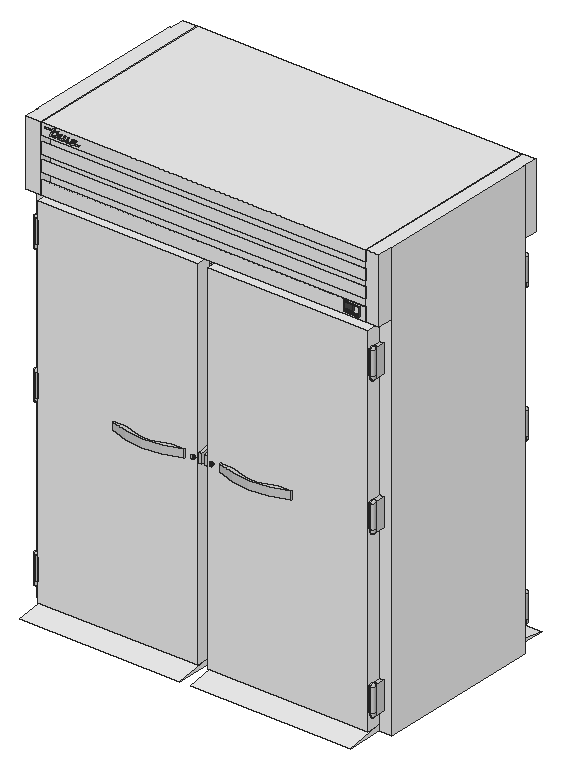
Revit family
Parameters
  Weight in Pounds = 0
  Watts = 4000 W
  Volts = 115 V
  URL Cutsheet = "www.truemfg.com"
  URL = "www.truemfg.com"
  Type Mark [instance] = ""
  Type Comments = ""
  Status [instance] = ""
  Specification by User [instance] = ""
  Specification by Manufacturer = ""
  Show Logo [instance] = yes
  Show Clearance [instance] = yes
  Serial Number = ""
  Seismic Rating = ""
  SMACNA No = ""
  Revision Code [instance] = ""
  Phase = 1
  Omniclass Number and Title = ""
  Number of Poles [instance] = 1
  NAFEM Spec ID Number = ""
  Model = "STR2HRT-2S-2S"
  Min Ckt Ampacity = 0 A
  Max Overcurrent Protection = 0 A
  Masterspec = ""
  Manufacturer = "TRUE FOOD SERVICE EQUIPMENT, INC."
  Length = 68"
  Item Number [instance] = ""
  Installed By [instance] = ""
  Identify Quantity as Lot [instance] = yes
  Height = 83 3/4"
  HP = ""
  Furnished By [instance] = ""
  Foodservice Equipment Identifier [instance] = yes
  FL Amps = Watts / Volts  # 34.7826 A
  Electrical Remarks [instance] = ""
  Electric Connection Type [instance] = ""
  Elec Conn RI Height [instance] = 0"
  Elec Conn Connection Height [instance] = 0"
  Description = "Roll-thru Solid Swing Door Heated Cabinet"
  Depth = 37 1/2"
  Cycle = 60 Hz
  Conn Plug = "14-20P"
  Conn Conduit = yes
  CSI MasterFormat = ""
  CSI Master Format = ""
  Apparent Power = if(Phase = 3, Volts * FL Amps * 1.73, Volts * FL Amps)  # 4000 VA
Reference planes (in)
  plane 1 "BACK": y = 0
  plane 2: z = 0
  plane 3 "LEFT": x = 0
  plane 4 "RIGHT": x = 68
  plane 5 "FRONT": y = -37.5
  plane 6 "TOP": z = 83.75
  plane 7: x = 2.84375
  plane 8: y = -37.4542
  plane 9: x = 34
  plane 10: y = -0.0458
  plane 11: z = 69.90625
Forms (in)
  Extrusion 1, solid, material "QF_Finishes_Chrome - Satin"
    sketch origin (0.05, 0, 0) x (1, 0, 0) y (0, 1, 0)
      loop
        line (-0.05, -2.75) -> (-0.05, -34.75) -> (2.87859, -34.75) -> (2.87859, -2.75) -> (-0.05, -2.75)
    from 0 to 83.75
  Extrusion 2, solid, material "QF_Finishes_Chrome - Satin"
    sketch origin (50.15, 0, 0) x (1, 0, 0) y (0, 1, 0)
      loop
        line (15.15, -2.75) -> (15.15, -34.75) -> (17.85, -34.75) -> (17.85, -2.75) -> (15.15, -2.75)
    from 0 to 83.75
  Extrusion 3, solid, material "QF_Finishes_Chrome - Satin"
    sketch origin (0, 0, 0) x (0, 1, 0) y (0, 0, 1)
      loop
        line (-37.4542, 71.28125) -> (-34.75, 71.28125) -> (-34.75, 68.90625) -> (-2.75, 68.90625) -> (-2.75, 71.28125) -> (-0.0458, 71.28125) -> (-0.0458, 73.94226) -> (-2.25, 72.375) -> (-2.25, 73.65057) -> (-0.0458, 75.21784) -> (-0.0458, 77.31404) -> (-2.25, 75.74678) -> (-2.25, 76.70754) -> (-0.0458, 78.2748) -> (-0.0458, 80.40851) -> (-2.25, 78.84125) -> (-2.25, 79.96352) -> (-0.0458, 81.53078) -> (-0.0458, 83.75) -> (-37.4542, 83.75) -> (-37.4542, 81.53078) -> (-35.25, 79.96352) -> (-35.25, 78.84125) -> (-37.4542, 80.40851) -> (-37.4542, 78.2748) -> (-35.25, 76.70754) -> (-35.25, 75.74678) -> (-37.4542, 77.31404) -> (-37.4542, 75.21784) -> (-35.25, 73.65057) -> (-35.25, 72.375) -> (-37.4542, 73.94226) -> (-37.4542, 71.28125)
      loop
        line (-34.75, 0) -> (-2.75, 0) -> (-2.75, 2) -> (-34.75, 2) -> (-34.75, 0)
    from 2.92859 to 65.3
  Extrusion 4, solid, material "QF_Finishes_Chrome - Satin"
    sketch origin (0, 0, 0) x (1, 0, 0) y (0, 1, 0)
      loop
        line (67.84782, -34.75) -> (65.3, -34.75) -> (65.3, -37.5) -> (67.84782, -37.5) -> (67.84782, -34.75)
      loop
        line (67.84782, -2.75) -> (67.84782, 0) -> (65.3, 0) -> (65.3, -2.75) -> (67.84782, -2.75)
    from 71.28125 to 83.75
  Extrusion 5, solid, material "QF_Finishes_Chrome - Satin"
    sketch origin (-50.125, 0, 0.25) x (1, 0, 0) y (0, 1, 0)
      loop
        line (53.05359, -34.75) -> (50.24109, -34.75) -> (50.24109, -37.5) -> (53.05359, -37.5) -> (53.05359, -34.75)
      loop
        line (53.05359, -2.75) -> (53.05359, 0) -> (50.24109, 0) -> (50.24109, -2.75) -> (53.05359, -2.75)
    from 71.03125 to 83.5
  Extrusion 6, solid, material "QF_Finishes_Handrails and Railings"
    sketch origin (9.34375, -3.83467, -3.5) x (1, 0, 0) y (0, 0, 1)
      loop
        circle (26.4375, 40.0625) r 0.35
      loop
        line (26.47265, 40.33635) -> (26.41715, 40.33635) -> (26.41715, 39.76895) -> (26.47265, 39.76895) -> (26.47265, 40.33635)
    from 33.5 to 33.83066
  Extrusion 7, solid, material "QF_Finishes_Handrails and Railings", visible <- "Show Logo"
    sketch origin (0.33478, -2.68623, 5.13015) x (1, 0, 0) y (0, 0, 1)
      loop
        line (3.46044, 78.08731) -> (3.35478, 77.86073) -> (4.76027, 77.86073)
        arc (4.76027, 77.86073) -> (4.78879, 77.81028) -> (4.76027, 77.75984) r 0.05887
        line (4.76027, 77.75984) -> (4.39369, 76.97372)
        arc (4.39369, 76.97372) -> (4.39051, 76.90091) -> (4.43975, 76.84717) r 0.09523
        line (4.43975, 76.84717) -> (5.33844, 76.84717)
        arc (5.33844, 76.84717) -> (5.45192, 76.88295) -> (5.52436, 76.97735) r 0.19785
        line (5.52436, 76.97735) -> (5.81285, 77.59601) -> (6.0779, 77.59601)
        arc (6.0779, 77.59601) -> (6.14744, 77.57043) -> (6.13737, 77.49703) r 0.05911
        line (6.13737, 77.49703) -> (5.89598, 76.97937)
        arc (5.89598, 76.97937) -> (5.89974, 76.8934) -> (5.97231, 76.84717) r 0.09318
        line (5.97231, 76.84717) -> (6.76198, 76.84717)
        arc (6.76198, 76.84717) -> (6.82249, 76.86919) -> (6.85468, 76.92495) r 0.09412
        arc (6.85468, 76.92495) -> (6.87746, 76.86995) -> (6.93246, 76.84717) r 0.07778
        line (6.93246, 76.84717) -> (7.43246, 76.84717)
        arc (7.43246, 76.84717) -> (7.49022, 76.86265) -> (7.53251, 76.90493) r 0.11552
        arc (7.53251, 76.90493) -> (7.55275, 76.85606) -> (7.60162, 76.83581) r 0.06912
        line (7.60162, 76.83581) -> (8.31225, 76.83581)
        arc (8.31225, 76.83581) -> (8.37034, 76.85988) -> (8.39441, 76.91797) r 0.08216
        arc (8.39441, 76.91797) -> (8.44767, 76.86472) -> (8.52042, 76.84522) r 0.14551
        line (8.52042, 76.84522) -> (9.85158, 76.84522) -> (9.99946, 77.10134) -> (8.65678, 77.10134)
        arc (8.65678, 77.10134) -> (8.61972, 77.12704) -> (8.61834, 77.17211) r 0.05009
        line (8.61834, 77.17211) -> (8.64157, 77.22192)
        arc (8.64157, 77.22192) -> (8.67723, 77.26864) -> (8.73327, 77.28635) r 0.09747
        line (8.73327, 77.28635) -> (9.16485, 77.28635)
        arc (9.16485, 77.28635) -> (9.258, 77.31131) -> (9.32619, 77.3795) r 0.1863
        line (9.32619, 77.3795) -> (9.45119, 77.59601)
        arc (9.45119, 77.59601) -> (9.45119, 77.71157) -> (9.35111, 77.76934) r 0.11556
        line (9.35111, 77.76934) -> (8.89562, 77.76934)
        arc (8.89562, 77.76934) -> (8.7795, 77.74962) -> (8.69849, 77.66412) r 0.18605
        line (8.69849, 77.66412) -> (8.48204, 77.19993)
        arc (8.48204, 77.19993) -> (8.41815, 77.11667) -> (8.31806, 77.08511) r 0.1745
        line (8.31806, 77.08511) -> (7.84559, 77.08511)
        arc (7.84559, 77.08511) -> (7.78903, 77.14684) -> (7.79268, 77.23048) r 0.10939
        line (7.79268, 77.23048) -> (8.04395, 77.76934) -> (7.88403, 77.76934) -> (7.61781, 77.19844)
        arc (7.61781, 77.19844) -> (7.56609, 77.13103) -> (7.48505, 77.10548) r 0.14128
        line (7.48505, 77.10548) -> (7.15925, 77.10548)
        arc (7.15925, 77.10548) -> (7.10419, 77.17723) -> (7.116, 77.26689) r 0.11816
        line (7.116, 77.26689) -> (7.3503, 77.76934) -> (7.18514, 77.76934) -> (6.91546, 77.191)
        arc (6.91546, 77.191) -> (6.85285, 77.12839) -> (6.76733, 77.10548) r 0.17104
        line (6.76733, 77.10548) -> (6.29555, 77.10548)
        arc (6.29555, 77.10548) -> (6.21082, 77.14499) -> (6.20267, 77.23813) r 0.0935
        line (6.20267, 77.23813) -> (6.35774, 77.57069) -> (6.57695, 77.57069)
        arc (6.57695, 77.57069) -> (6.61395, 77.68217) -> (6.69267, 77.76934) r 0.2857
        line (6.69267, 77.76934) -> (5.83605, 77.76934)
        arc (5.83605, 77.76934) -> (5.74086, 77.74824) -> (5.67498, 77.67635) r 0.16212
        line (5.67498, 77.67635) -> (5.44279, 77.17841)
        arc (5.44279, 77.17841) -> (5.3894, 77.12502) -> (5.31647, 77.10548) r 0.14586
        line (5.31647, 77.10548) -> (4.80506, 77.10548)
        arc (4.80506, 77.10548) -> (4.76514, 77.15942) -> (4.77274, 77.22609) r 0.09155
        line (4.77274, 77.22609) -> (5.11018, 77.86073) -> (5.96155, 77.86073) -> (6.06721, 78.08731) -> (5.21584, 78.08731) -> (5.32149, 78.31388) -> (5.01862, 78.31388) -> (4.91297, 78.08731) -> (3.46044, 78.08731)
      loop
        arc (8.83805, 77.56363) -> (8.80119, 77.55375) -> (8.7742, 77.52676) r 0.07373
        line (8.7742, 77.52676) -> (8.75229, 77.45936)
        arc (8.75229, 77.45936) -> (8.76245, 77.43483) -> (8.78699, 77.42466) r 0.0347
        line (8.78699, 77.42466) -> (9.15948, 77.42466)
        arc (9.15948, 77.42466) -> (9.18632, 77.43061) -> (9.20812, 77.44734) r 0.0635
        line (9.20812, 77.44734) -> (9.22624, 77.53122)
        arc (9.22624, 77.53122) -> (9.22091, 77.55368) -> (9.20009, 77.56363) r 0.02676
        line (9.20009, 77.56363) -> (8.83805, 77.56363)
    from 34.76797 to 34.83173
  Extrusion 8, solid, material "QF_Finishes_White"
    sketch origin (-22.74812, -2.7042, -7.90007) x (1, 0, 0) y (0, 0, 1)
      loop
        line (83.81732, 81.35727) -> (83.81732, 79.60996) -> (86.72357, 79.60996) -> (86.72357, 81.35727) -> (83.81732, 81.35727)
    from 34.75 to 34.76797
  Extrusion 9, solid, material "QF_Finishes_Black"
    sketch origin (-22.74812, -2.7042, -7.90007) x (1, 0, 0) y (0, 0, 1)
      loop
        line (86.78607, 81.41977) -> (83.75482, 81.41977) -> (83.75482, 79.54746) -> (86.78607, 79.54746) -> (86.78607, 81.41977)
      loop
        spline (83.95482, 79.87872) -> (83.96333, 79.86254) -> (83.98831, 79.84747) -> (84.02804, 79.83452) -> (84.07982, 79.82459) -> (84.14011, 79.81835) -> (84.20482, 79.81622) -> (84.26952, 79.81835) -> (84.32982, 79.82459) -> (84.38159, 79.83452) -> (84.42132, 79.84747) -> (84.4463, 79.86254) -> (84.45482, 79.87872)
        spline (84.45482, 79.87872) -> (84.4463, 79.89489) -> (84.42132, 79.90997) -> (84.38159, 79.92291) -> (84.32982, 79.93284) -> (84.26952, 79.93909) -> (84.20482, 79.94122) -> (84.14011, 79.93909) -> (84.07982, 79.93284) -> (84.02804, 79.92291) -> (83.98831, 79.90997) -> (83.96333, 79.89489) -> (83.95482, 79.87872)
      loop
        spline (84.65083, 79.87872) -> (84.65935, 79.86254) -> (84.68432, 79.84747) -> (84.72405, 79.83452) -> (84.77583, 79.82459) -> (84.83612, 79.81835) -> (84.90083, 79.81622) -> (84.96553, 79.81835) -> (85.02583, 79.82459) -> (85.07761, 79.83452) -> (85.11734, 79.84747) -> (85.14231, 79.86254) -> (85.15083, 79.87872)
        spline (85.15083, 79.87872) -> (85.14231, 79.89489) -> (85.11734, 79.90997) -> (85.07761, 79.92291) -> (85.02583, 79.93284) -> (84.96553, 79.93909) -> (84.90083, 79.94122) -> (84.83612, 79.93909) -> (84.77583, 79.93284) -> (84.72405, 79.92291) -> (84.68432, 79.90997) -> (84.65935, 79.89489) -> (84.65083, 79.87872)
      loop
        spline (85.40083, 79.87872) -> (85.40935, 79.86254) -> (85.43432, 79.84747) -> (85.47405, 79.83452) -> (85.52583, 79.82459) -> (85.58612, 79.81835) -> (85.65083, 79.81622) -> (85.71553, 79.81835) -> (85.77583, 79.82459) -> (85.82761, 79.83452) -> (85.86734, 79.84747) -> (85.89231, 79.86254) -> (85.90083, 79.87872)
        spline (85.90083, 79.87872) -> (85.89231, 79.89489) -> (85.86734, 79.90997) -> (85.82761, 79.92291) -> (85.77583, 79.93284) -> (85.71553, 79.93909) -> (85.65083, 79.94122) -> (85.58612, 79.93909) -> (85.52583, 79.93284) -> (85.47405, 79.92291) -> (85.43432, 79.90997) -> (85.40935, 79.89489) -> (85.40083, 79.87872)
      loop
        line (83.95481, 81.21978) -> (83.95481, 80.21978) -> (85.65433, 80.21978) -> (85.65433, 81.21978) -> (83.95481, 81.21978)
      loop
        line (86.72357, 81.35727) -> (83.81732, 81.35727) -> (83.81732, 79.60996) -> (86.72357, 79.60996) -> (86.72357, 81.35727)
      loop
        spline (86.15083, 79.87872) -> (86.15935, 79.86254) -> (86.18432, 79.84747) -> (86.22405, 79.83452) -> (86.27583, 79.82459) -> (86.33612, 79.81835) -> (86.40083, 79.81622) -> (86.46553, 79.81835) -> (86.52583, 79.82459) -> (86.57761, 79.83452) -> (86.61734, 79.84747) -> (86.64231, 79.86254) -> (86.65083, 79.87872)
        spline (86.65083, 79.87872) -> (86.64231, 79.89489) -> (86.61734, 79.90997) -> (86.57761, 79.92291) -> (86.52583, 79.93284) -> (86.46553, 79.93909) -> (86.40083, 79.94122) -> (86.33612, 79.93909) -> (86.27583, 79.93284) -> (86.22405, 79.92291) -> (86.18432, 79.90997) -> (86.15935, 79.89489) -> (86.15083, 79.87872)
    from 34.76797 to 34.80335
  Extrusion 10, solid
    sketch origin (-25.125, 0, 0) x (1, 0, 0) y (0, 0, 1)
      loop
        circle (89.875, 81.625) r 0.25
    from 0 to 0.0625
  Blend 11, solid, material "QF_Finishes_Handrails and Railings"
    base sketch origin (60.25, -3.75, -1.5) x (-1, 0, 0) y (0, 0, -1)
      loop
        line (25.25, -38.99169) -> (26, -38.99169) -> (26, -37.24169) -> (25.25, -37.24169) -> (25.25, -38.99169)
    top sketch origin (60.25, 0, -1.5) x (-1, 0, 0) y (0, 0, -1)
      loop
        line (26.18223, -36.6441) -> (25.25, -36.6441) -> (25.25, -39.42643) -> (26.18223, -39.42643) -> (26.18223, -36.6441)
    from 33.57883 to 34.75
  Extrusion 12, solid, material "QF_Finishes_Handrails and Railings"
    sketch origin (66.78125, 0, 2.75) x (0, 1, 0) y (0, 0, -1)
      loop
        line (-34.75, -64.17729) -> (-34.75, -58.86127) -> (-37, -58.86127) -> (-37, -59.57348) -> (-36.56497, -59.57348) -> (-36.56497, -63.97276)
        arc (-36.56497, -63.97276) -> (-36.50506, -64.11738) -> (-36.36044, -64.17729) r 0.20453
        line (-36.36044, -64.17729) -> (-34.75, -64.17729)
    from 0.17506 to 1
  Revolve 13, solid, material "QF_Finishes_Handrails and Railings"
    sketch origin (66.28125, 0, 2.75) x (0, 1, 0) y (0, 0, -1)
      loop
        line (-37.01563, -59.62689) -> (-37.42229, -59.62689) -> (-37.42229, -64.0986)
        arc (-37.42229, -64.0986) -> (-37.28722, -64.35057) -> (-37.01563, -64.43983) r 0.3848
        line (-37.01563, -64.43983) -> (-37.01563, -59.62689)
      loop
        line (-37.01563, -59.57348) -> (-37.01563, -58.67281)
        arc (-37.01563, -58.67281) -> (-37.28264, -58.75883) -> (-37.42229, -59.00212) r 0.38884
        line (-37.42229, -59.00212) -> (-37.42229, -59.57348) -> (-37.01563, -59.57348)
      axis (-37.01563, -58.67281) -> (-37.01563, -64.43983)
    angle from 0 to 360
  Extrusion 14, solid, material "QF_Finishes_Handrails and Railings"
    sketch origin (27.5, -3.82734, 2.7511) x (-1, 0, 0) y (0, 0, -1)
      loop
        line (-38.58509, -64.0986) -> (-38.1875, -64.0986) -> (-38.1875, -59.62579) -> (-38.58509, -59.62579) -> (-38.58509, -64.0986)
    from 32.81497 to 33.59495
  Extrusion 15, solid, material "QF_Finishes_Handrails and Railings"
    sketch origin (66.78125, 0, -24) x (0, 1, 0) y (0, 0, -1)
      loop
        line (-34.75, -64.55229) -> (-34.75, -59.23627) -> (-37, -59.23627) -> (-37, -59.94848) -> (-36.56497, -59.94848) -> (-36.56497, -64.34776)
        arc (-36.56497, -64.34776) -> (-36.50506, -64.49238) -> (-36.36044, -64.55229) r 0.20453
        line (-36.36044, -64.55229) -> (-34.75, -64.55229)
    from 0.17506 to 1
  Revolve 16, solid, material "QF_Finishes_Handrails and Railings"
    sketch origin (66.28125, 0, -24) x (0, 1, 0) y (0, 0, -1)
      loop
        line (-37.01563, -60.00189) -> (-37.42229, -60.00189) -> (-37.42229, -64.4736)
        arc (-37.42229, -64.4736) -> (-37.28722, -64.72557) -> (-37.01563, -64.81483) r 0.3848
        line (-37.01563, -64.81483) -> (-37.01563, -60.00189)
      loop
        line (-37.01563, -59.94848) -> (-37.01563, -59.04781)
        arc (-37.01563, -59.04781) -> (-37.28264, -59.13383) -> (-37.42229, -59.37712) r 0.38884
        line (-37.42229, -59.37712) -> (-37.42229, -59.94848) -> (-37.01563, -59.94848)
      axis (-37.01563, -59.04781) -> (-37.01563, -64.81483)
    angle from 0 to 360
  Extrusion 17, solid, material "QF_Finishes_Handrails and Railings"
    sketch origin (27.5, -3.82734, -23.9989) x (-1, 0, 0) y (0, 0, -1)
      loop
        line (-38.58509, -64.4736) -> (-38.1875, -64.4736) -> (-38.1875, -60.00079) -> (-38.58509, -60.00079) -> (-38.58509, -64.4736)
    from 32.81497 to 33.59495
  Extrusion 18, solid, material "QF_Finishes_Handrails and Railings"
    sketch origin (66.78125, 0, -55.5) x (0, 1, 0) y (0, 0, -1)
      loop
        line (-34.75, -64.55229) -> (-34.75, -59.23627) -> (-37, -59.23627) -> (-37, -59.94848) -> (-36.56497, -59.94848) -> (-36.56497, -64.34776)
        arc (-36.56497, -64.34776) -> (-36.50506, -64.49238) -> (-36.36044, -64.55229) r 0.20453
        line (-36.36044, -64.55229) -> (-34.75, -64.55229)
    from 0.17506 to 1
  Revolve 19, solid, material "QF_Finishes_Handrails and Railings"
    sketch origin (66.28125, 0, -55.5) x (0, 1, 0) y (0, 0, -1)
      loop
        line (-37.01563, -60.00189) -> (-37.42229, -60.00189) -> (-37.42229, -64.4736)
        arc (-37.42229, -64.4736) -> (-37.28722, -64.72557) -> (-37.01563, -64.81483) r 0.3848
        line (-37.01563, -64.81483) -> (-37.01563, -60.00189)
      loop
        line (-37.01563, -59.94848) -> (-37.01563, -59.04781)
        arc (-37.01563, -59.04781) -> (-37.28264, -59.13383) -> (-37.42229, -59.37712) r 0.38884
        line (-37.42229, -59.37712) -> (-37.42229, -59.94848) -> (-37.01563, -59.94848)
      axis (-37.01563, -59.04781) -> (-37.01563, -64.81483)
    angle from 0 to 360
  Extrusion 20, solid, material "QF_Finishes_Handrails and Railings"
    sketch origin (27.5, -3.82734, -55.4989) x (-1, 0, 0) y (0, 0, -1)
      loop
        line (-38.58509, -64.4736) -> (-38.1875, -64.4736) -> (-38.1875, -60.00079) -> (-38.58509, -60.00079) -> (-38.58509, -64.4736)
    from 32.81497 to 33.59495
  Extrusion 21, solid, material "QF_Finishes_Chrome - Satin"
    sketch origin (65.6875, -3.75, 8.03125) x (0, 0, 1) y (0, -1, 0)
      loop
        line (-8.03125, 37.875) -> (-8.03125, 31) -> (-7.03125, 31) -> (-8.03125, 37.875)
    from 0 to -30.6875
  Extrusion 22, solid, material "QF_Finishes_Chrome - Satin"
    sketch origin (59.96875, -3.75, -0.71875) x (-1, 0, 0) y (0, 0, -1)
      loop
        line (26.96875, -1.71875) -> (26.96875, -70.625) -> (57.65625, -70.625) -> (57.65625, -1.71875) -> (26.96875, -1.71875)
      loop
        line (24.96875, -1.71875) -> (-5.71875, -1.71875) -> (-5.71875, -70.625) -> (24.96875, -70.625) -> (24.96875, -1.71875)
    from 31 to 33.75
  Extrusion 23, solid, material "QF_Finishes_Handrails and Railings"
    sketch origin (58.65625, -3.83467, -3.5) x (-1, 0, 0) y (0, 0, -1)
      loop
        circle (26.4375, -40.0625) r 0.35
      loop
        line (26.47265, -40.33635) -> (26.47265, -39.76895) -> (26.41715, -39.76895) -> (26.41715, -40.33635) -> (26.47265, -40.33635)
    from 33.5 to 33.83066
  Blend 24, solid, material "QF_Finishes_Handrails and Railings"
    base sketch origin (7.75, -3.75, -1.5) x (1, 0, 0) y (0, 0, 1)
      loop
        line (25.25, 38.99169) -> (25.25, 37.24169) -> (26, 37.24169) -> (26, 38.99169) -> (25.25, 38.99169)
    top sketch origin (7.75, 0, -1.5) x (1, 0, 0) y (0, 0, 1)
      loop
        line (26.18223, 36.6441) -> (26.18223, 39.42643) -> (25.25, 39.42643) -> (25.25, 36.6441) -> (26.18223, 36.6441)
    from 33.57883 to 34.75
  Extrusion 25, solid, material "QF_Finishes_Handrails and Railings"
    sketch origin (1.21875, 0, 2.75) x (0, 1, 0) y (0, 0, 1)
      loop
        line (-34.75, 64.17729) -> (-36.36044, 64.17729)
        arc (-36.36044, 64.17729) -> (-36.50506, 64.11738) -> (-36.56497, 63.97276) r 0.20453
        line (-36.56497, 63.97276) -> (-36.56497, 59.57348) -> (-37, 59.57348) -> (-37, 58.86127) -> (-34.75, 58.86127) -> (-34.75, 64.17729)
    from 0.17506 to 1
  Revolve 26, solid, material "QF_Finishes_Handrails and Railings"
    sketch origin (1.71875, 0, 2.75) x (0, 1, 0) y (0, 0, 1)
      loop
        line (-37.01563, 59.62689) -> (-37.01563, 64.43983)
        arc (-37.01563, 64.43983) -> (-37.28722, 64.35057) -> (-37.42229, 64.0986) r 0.3848
        line (-37.42229, 64.0986) -> (-37.42229, 59.62689) -> (-37.01563, 59.62689)
      loop
        line (-37.01563, 59.57348) -> (-37.42229, 59.57348) -> (-37.42229, 59.00212)
        arc (-37.42229, 59.00212) -> (-37.28264, 58.75883) -> (-37.01563, 58.67281) r 0.38884
        line (-37.01563, 58.67281) -> (-37.01563, 59.57348)
      axis (-37.01563, 58.67281) -> (-37.01563, 64.43983)
    angle from 0 to 360
  Extrusion 27, solid, material "QF_Finishes_Handrails and Railings"
    sketch origin (40.5, -3.82734, 2.7511) x (1, 0, 0) y (0, 0, 1)
      loop
        line (-38.58509, 64.0986) -> (-38.58509, 59.62579) -> (-38.1875, 59.62579) -> (-38.1875, 64.0986) -> (-38.58509, 64.0986)
    from 32.81497 to 33.59495
  Extrusion 28, solid, material "QF_Finishes_Handrails and Railings"
    sketch origin (1.21875, 0, -24) x (0, 1, 0) y (0, 0, 1)
      loop
        line (-34.75, 64.55229) -> (-36.36044, 64.55229)
        arc (-36.36044, 64.55229) -> (-36.50506, 64.49238) -> (-36.56497, 64.34776) r 0.20453
        line (-36.56497, 64.34776) -> (-36.56497, 59.94848) -> (-37, 59.94848) -> (-37, 59.23627) -> (-34.75, 59.23627) -> (-34.75, 64.55229)
    from 0.17506 to 1
  Revolve 29, solid, material "QF_Finishes_Handrails and Railings"
    sketch origin (1.71875, 0, -24) x (0, 1, 0) y (0, 0, 1)
      loop
        line (-37.01563, 60.00189) -> (-37.01563, 64.81483)
        arc (-37.01563, 64.81483) -> (-37.28722, 64.72557) -> (-37.42229, 64.4736) r 0.3848
        line (-37.42229, 64.4736) -> (-37.42229, 60.00189) -> (-37.01563, 60.00189)
      loop
        line (-37.01563, 59.94848) -> (-37.42229, 59.94848) -> (-37.42229, 59.37712)
        arc (-37.42229, 59.37712) -> (-37.28264, 59.13383) -> (-37.01563, 59.04781) r 0.38884
        line (-37.01563, 59.04781) -> (-37.01563, 59.94848)
      axis (-37.01563, 59.04781) -> (-37.01563, 64.81483)
    angle from 0 to 360
  Extrusion 30, solid, material "QF_Finishes_Handrails and Railings"
    sketch origin (40.5, -3.82734, -23.9989) x (1, 0, 0) y (0, 0, 1)
      loop
        line (-38.58509, 64.4736) -> (-38.58509, 60.00079) -> (-38.1875, 60.00079) -> (-38.1875, 64.4736) -> (-38.58509, 64.4736)
    from 32.81497 to 33.59495
  Extrusion 31, solid, material "QF_Finishes_Handrails and Railings"
    sketch origin (1.21875, 0, -55.5) x (0, 1, 0) y (0, 0, 1)
      loop
        line (-34.75, 64.55229) -> (-36.36044, 64.55229)
        arc (-36.36044, 64.55229) -> (-36.50506, 64.49238) -> (-36.56497, 64.34776) r 0.20453
        line (-36.56497, 64.34776) -> (-36.56497, 59.94848) -> (-37, 59.94848) -> (-37, 59.23627) -> (-34.75, 59.23627) -> (-34.75, 64.55229)
    from 0.17506 to 1
  Revolve 32, solid, material "QF_Finishes_Handrails and Railings"
    sketch origin (1.71875, 0, -55.5) x (0, 1, 0) y (0, 0, 1)
      loop
        line (-37.01563, 60.00189) -> (-37.01563, 64.81483)
        arc (-37.01563, 64.81483) -> (-37.28722, 64.72557) -> (-37.42229, 64.4736) r 0.3848
        line (-37.42229, 64.4736) -> (-37.42229, 60.00189) -> (-37.01563, 60.00189)
      loop
        line (-37.01563, 59.94848) -> (-37.42229, 59.94848) -> (-37.42229, 59.37712)
        arc (-37.42229, 59.37712) -> (-37.28264, 59.13383) -> (-37.01563, 59.04781) r 0.38884
        line (-37.01563, 59.04781) -> (-37.01563, 59.94848)
      axis (-37.01563, 59.04781) -> (-37.01563, 64.81483)
    angle from 0 to 360
  Extrusion 33, solid, material "QF_Finishes_Handrails and Railings"
    sketch origin (40.5, -3.82734, -55.4989) x (1, 0, 0) y (0, 0, 1)
      loop
        line (-38.58509, 64.4736) -> (-38.58509, 60.00079) -> (-38.1875, 60.00079) -> (-38.1875, 64.4736) -> (-38.58509, 64.4736)
    from 32.81497 to 33.59495
  Extrusion 34, solid, material "QF_Finishes_Chrome - Satin"
    sketch origin (2.3125, -3.75, 8.03125) x (0, 0, 1) y (0, 1, 0)
      loop
        line (-8.03125, -37.875) -> (-7.03125, -31) -> (-8.03125, -31) -> (-8.03125, -37.875)
    from 0 to -30.6875
  Extrusion 35, solid, material "QF_Finishes_Door Clearance", visible <- "Show Clearance", detail levels coarse
    sketch origin (32.71875, -3.75, 1) x (0, 1, 0) y (1, 0, 0)
      loop
        line (-33.75, -30.40625) -> (-33.75, 0.28125)
        arc (-33.75, 0.28125) -> (-55.44934, -8.70691) -> (-64.4375, -30.40625) r 30.6875
        line (-64.4375, -30.40625) -> (-33.75, -30.40625)
      loop
        line (-33.75, 32.96875) -> (-64.4375, 32.96875)
        arc (-64.4375, 32.96875) -> (-55.44934, 11.26941) -> (-33.75, 2.28125) r 30.6875
        line (-33.75, 2.28125) -> (-33.75, 32.96875)
    from 0 to -68.90625
  Extrusion 36, solid, material "QF_Finishes_Chrome - Satin"
    sketch origin (8.03125, -33.75, -0.71875) x (1, 0, 0) y (0, 0, -1)
      loop
        line (26.96875, -1.71875) -> (26.96875, -70.625) -> (57.65625, -70.625) -> (57.65625, -1.71875) -> (26.96875, -1.71875)
    from 31 to 33.75
  Extrusion 37, solid, material "QF_Finishes_Handrails and Railings"
    sketch origin (91.34375, -37.25, 24.93519) x (-1, 0, 0) y (0, -1, 0)
      loop
        line (53.875, -37.25) -> (51.475, -37.25)
        arc (51.475, -37.25) -> (47.075, -38.40816) -> (42.675, -37.25) r 8.93715
        line (42.675, -37.25) -> (40.275, -37.25) -> (40.275, -37.45)
        arc (40.275, -37.45) -> (47.075, -38.89405) -> (53.875, -37.45) r 16.7325
        line (53.875, -37.45) -> (53.875, -37.25)
    from 10.87731 to 12.37731
  Extrusion 38, solid, material "QF_Finishes_Handrails and Railings"
    sketch origin (9.34375, -33.66533, -3.5) x (1, 0, 0) y (0, 0, -1)
      loop
        circle (26.4375, -40.0625) r 0.35
      loop
        line (26.47265, -40.33635) -> (26.47265, -39.76895) -> (26.41715, -39.76895) -> (26.41715, -40.33635) -> (26.47265, -40.33635)
    from 33.5 to 33.83066
  Blend 39, solid, material "QF_Finishes_Handrails and Railings"
    base sketch origin (60.25, -33.75, -1.5) x (-1, 0, 0) y (0, 0, 1)
      loop
        line (25.25, 38.99169) -> (25.25, 37.24169) -> (26, 37.24169) -> (26, 38.99169) -> (25.25, 38.99169)
    top sketch origin (60.25, -37.5, -1.5) x (-1, 0, 0) y (0, 0, 1)
      loop
        line (26.18223, 36.6441) -> (26.18223, 39.42643) -> (25.25, 39.42643) -> (25.25, 36.6441) -> (26.18223, 36.6441)
    from 33.57883 to 34.75
  Extrusion 40, solid, material "QF_Finishes_Handrails and Railings"
    sketch origin (66.78125, -37.5, 2.75) x (0, -1, 0) y (0, 0, 1)
      loop
        line (-34.75, 64.17729) -> (-36.36044, 64.17729)
        arc (-36.36044, 64.17729) -> (-36.50506, 64.11738) -> (-36.56497, 63.97276) r 0.20453
        line (-36.56497, 63.97276) -> (-36.56497, 59.57348) -> (-37, 59.57348) -> (-37, 58.86127) -> (-34.75, 58.86127) -> (-34.75, 64.17729)
    from 0.17506 to 1
  Revolve 41, solid, material "QF_Finishes_Handrails and Railings"
    sketch origin (66.28125, -37.5, 2.75) x (0, -1, 0) y (0, 0, 1)
      loop
        line (-37.01563, 59.62689) -> (-37.01563, 64.43983)
        arc (-37.01563, 64.43983) -> (-37.28722, 64.35057) -> (-37.42229, 64.0986) r 0.3848
        line (-37.42229, 64.0986) -> (-37.42229, 59.62689) -> (-37.01563, 59.62689)
      loop
        line (-37.01563, 59.57348) -> (-37.42229, 59.57348) -> (-37.42229, 59.00212)
        arc (-37.42229, 59.00212) -> (-37.28264, 58.75883) -> (-37.01563, 58.67281) r 0.38884
        line (-37.01563, 58.67281) -> (-37.01563, 59.57348)
      axis (-37.01563, 58.67281) -> (-37.01563, 64.43983)
    angle from 0 to 360
  Extrusion 42, solid, material "QF_Finishes_Handrails and Railings"
    sketch origin (27.5, -33.67266, 2.7511) x (-1, 0, 0) y (0, 0, 1)
      loop
        line (-38.58509, 64.0986) -> (-38.58509, 59.62579) -> (-38.1875, 59.62579) -> (-38.1875, 64.0986) -> (-38.58509, 64.0986)
    from 32.81497 to 33.59495
  Extrusion 43, solid, material "QF_Finishes_Handrails and Railings"
    sketch origin (66.78125, -37.5, -24) x (0, -1, 0) y (0, 0, 1)
      loop
        line (-34.75, 64.55229) -> (-36.36044, 64.55229)
        arc (-36.36044, 64.55229) -> (-36.50506, 64.49238) -> (-36.56497, 64.34776) r 0.20453
        line (-36.56497, 64.34776) -> (-36.56497, 59.94848) -> (-37, 59.94848) -> (-37, 59.23627) -> (-34.75, 59.23627) -> (-34.75, 64.55229)
    from 0.17506 to 1
  Revolve 44, solid, material "QF_Finishes_Handrails and Railings"
    sketch origin (66.28125, -37.5, -24) x (0, -1, 0) y (0, 0, 1)
      loop
        line (-37.01563, 60.00189) -> (-37.01563, 64.81483)
        arc (-37.01563, 64.81483) -> (-37.28722, 64.72557) -> (-37.42229, 64.4736) r 0.3848
        line (-37.42229, 64.4736) -> (-37.42229, 60.00189) -> (-37.01563, 60.00189)
      loop
        line (-37.01563, 59.94848) -> (-37.42229, 59.94848) -> (-37.42229, 59.37712)
        arc (-37.42229, 59.37712) -> (-37.28264, 59.13383) -> (-37.01563, 59.04781) r 0.38884
        line (-37.01563, 59.04781) -> (-37.01563, 59.94848)
      axis (-37.01563, 59.04781) -> (-37.01563, 64.81483)
    angle from 0 to 360
  Extrusion 45, solid, material "QF_Finishes_Handrails and Railings"
    sketch origin (27.5, -33.67266, -23.9989) x (-1, 0, 0) y (0, 0, 1)
      loop
        line (-38.58509, 64.4736) -> (-38.58509, 60.00079) -> (-38.1875, 60.00079) -> (-38.1875, 64.4736) -> (-38.58509, 64.4736)
    from 32.81497 to 33.59495
  Extrusion 46, solid, material "QF_Finishes_Handrails and Railings"
    sketch origin (66.78125, -37.5, -55.5) x (0, -1, 0) y (0, 0, 1)
      loop
        line (-34.75, 64.55229) -> (-36.36044, 64.55229)
        arc (-36.36044, 64.55229) -> (-36.50506, 64.49238) -> (-36.56497, 64.34776) r 0.20453
        line (-36.56497, 64.34776) -> (-36.56497, 59.94848) -> (-37, 59.94848) -> (-37, 59.23627) -> (-34.75, 59.23627) -> (-34.75, 64.55229)
    from 0.17506 to 1
  Revolve 47, solid, material "QF_Finishes_Handrails and Railings"
    sketch origin (66.28125, -37.5, -55.5) x (0, -1, 0) y (0, 0, 1)
      loop
        line (-37.01563, 60.00189) -> (-37.01563, 64.81483)
        arc (-37.01563, 64.81483) -> (-37.28722, 64.72557) -> (-37.42229, 64.4736) r 0.3848
        line (-37.42229, 64.4736) -> (-37.42229, 60.00189) -> (-37.01563, 60.00189)
      loop
        line (-37.01563, 59.94848) -> (-37.42229, 59.94848) -> (-37.42229, 59.37712)
        arc (-37.42229, 59.37712) -> (-37.28264, 59.13383) -> (-37.01563, 59.04781) r 0.38884
        line (-37.01563, 59.04781) -> (-37.01563, 59.94848)
      axis (-37.01563, 59.04781) -> (-37.01563, 64.81483)
    angle from 0 to 360
  Extrusion 48, solid, material "QF_Finishes_Handrails and Railings"
    sketch origin (27.5, -33.67266, -55.4989) x (-1, 0, 0) y (0, 0, 1)
      loop
        line (-38.58509, 64.4736) -> (-38.58509, 60.00079) -> (-38.1875, 60.00079) -> (-38.1875, 64.4736) -> (-38.58509, 64.4736)
    from 32.81497 to 33.59495
  Extrusion 49, solid, material "QF_Finishes_Chrome - Satin"
    sketch origin (65.6875, -33.75, 8.03125) x (0, 0, 1) y (0, -1, 0)
      loop
        line (-8.03125, -37.875) -> (-7.03125, -31) -> (-8.03125, -31) -> (-8.03125, -37.875)
    from 0 to -30.6875
  Extrusion 50, solid, material "QF_Finishes_Chrome - Satin"
    sketch origin (59.96875, -33.75, -0.71875) x (-1, 0, 0) y (0, 0, 1)
      loop
        line (26.96875, 1.71875) -> (57.65625, 1.71875) -> (57.65625, 70.625) -> (26.96875, 70.625) -> (26.96875, 1.71875)
    from 31 to 33.75
  Extrusion 51, solid, material "QF_Finishes_Handrails and Railings"
    sketch origin (-23.34375, -37.25, 24.93519) x (-1, 0, 0) y (0, -1, 0)
      loop
        line (-53.875, -37.25) -> (-53.875, -37.45)
        arc (-53.875, -37.45) -> (-47.075, -38.89405) -> (-40.275, -37.45) r 16.7325
        line (-40.275, -37.45) -> (-40.275, -37.25) -> (-42.675, -37.25)
        arc (-42.675, -37.25) -> (-47.075, -38.40816) -> (-51.475, -37.25) r 8.93715
        line (-51.475, -37.25) -> (-53.875, -37.25)
    from 10.87731 to 12.37731
  Extrusion 52, solid, material "QF_Finishes_Handrails and Railings"
    sketch origin (58.65625, -33.66533, -3.5) x (-1, 0, 0) y (0, 0, 1)
      loop
        circle (26.4375, 40.0625) r 0.35
      loop
        line (26.47265, 40.33635) -> (26.41715, 40.33635) -> (26.41715, 39.76895) -> (26.47265, 39.76895) -> (26.47265, 40.33635)
    from 33.5 to 33.83066
  Blend 53, solid, material "QF_Finishes_Handrails and Railings"
    base sketch origin (7.75, -33.75, -1.5) x (1, 0, 0) y (0, 0, -1)
      loop
        line (25.25, -38.99169) -> (26, -38.99169) -> (26, -37.24169) -> (25.25, -37.24169) -> (25.25, -38.99169)
    top sketch origin (7.75, -37.5, -1.5) x (1, 0, 0) y (0, 0, -1)
      loop
        line (26.18223, -36.6441) -> (25.25, -36.6441) -> (25.25, -39.42643) -> (26.18223, -39.42643) -> (26.18223, -36.6441)
    from 33.57883 to 34.75
  Extrusion 54, solid, material "QF_Finishes_Handrails and Railings"
    sketch origin (1.21875, -37.5, 2.75) x (0, -1, 0) y (0, 0, -1)
      loop
        line (-34.75, -64.17729) -> (-34.75, -58.86127) -> (-37, -58.86127) -> (-37, -59.57348) -> (-36.56497, -59.57348) -> (-36.56497, -63.97276)
        arc (-36.56497, -63.97276) -> (-36.50506, -64.11738) -> (-36.36044, -64.17729) r 0.20453
        line (-36.36044, -64.17729) -> (-34.75, -64.17729)
    from 0.17506 to 1
  Revolve 55, solid, material "QF_Finishes_Handrails and Railings"
    sketch origin (1.71875, -37.5, 2.75) x (0, -1, 0) y (0, 0, -1)
      loop
        line (-37.01563, -59.62689) -> (-37.42229, -59.62689) -> (-37.42229, -64.0986)
        arc (-37.42229, -64.0986) -> (-37.28722, -64.35057) -> (-37.01563, -64.43983) r 0.3848
        line (-37.01563, -64.43983) -> (-37.01563, -59.62689)
      loop
        line (-37.01563, -59.57348) -> (-37.01563, -58.67281)
        arc (-37.01563, -58.67281) -> (-37.28264, -58.75883) -> (-37.42229, -59.00212) r 0.38884
        line (-37.42229, -59.00212) -> (-37.42229, -59.57348) -> (-37.01563, -59.57348)
      axis (-37.01563, -58.67281) -> (-37.01563, -64.43983)
    angle from 0 to 360
  Extrusion 56, solid, material "QF_Finishes_Handrails and Railings"
    sketch origin (40.5, -33.67266, 2.7511) x (1, 0, 0) y (0, 0, -1)
      loop
        line (-38.58509, -64.0986) -> (-38.1875, -64.0986) -> (-38.1875, -59.62579) -> (-38.58509, -59.62579) -> (-38.58509, -64.0986)
    from 32.81497 to 33.59495
  Extrusion 57, solid, material "QF_Finishes_Handrails and Railings"
    sketch origin (1.21875, -37.5, -24) x (0, -1, 0) y (0, 0, -1)
      loop
        line (-34.75, -64.55229) -> (-34.75, -59.23627) -> (-37, -59.23627) -> (-37, -59.94848) -> (-36.56497, -59.94848) -> (-36.56497, -64.34776)
        arc (-36.56497, -64.34776) -> (-36.50506, -64.49238) -> (-36.36044, -64.55229) r 0.20453
        line (-36.36044, -64.55229) -> (-34.75, -64.55229)
    from 0.17506 to 1
  Revolve 58, solid, material "QF_Finishes_Handrails and Railings"
    sketch origin (1.71875, -37.5, -24) x (0, -1, 0) y (0, 0, -1)
      loop
        line (-37.01563, -60.00189) -> (-37.42229, -60.00189) -> (-37.42229, -64.4736)
        arc (-37.42229, -64.4736) -> (-37.28722, -64.72557) -> (-37.01563, -64.81483) r 0.3848
        line (-37.01563, -64.81483) -> (-37.01563, -60.00189)
      loop
        line (-37.01563, -59.94848) -> (-37.01563, -59.04781)
        arc (-37.01563, -59.04781) -> (-37.28264, -59.13383) -> (-37.42229, -59.37712) r 0.38884
        line (-37.42229, -59.37712) -> (-37.42229, -59.94848) -> (-37.01563, -59.94848)
      axis (-37.01563, -59.04781) -> (-37.01563, -64.81483)
    angle from 0 to 360
  Extrusion 59, solid, material "QF_Finishes_Handrails and Railings"
    sketch origin (40.5, -33.67266, -23.9989) x (1, 0, 0) y (0, 0, -1)
      loop
        line (-38.58509, -64.4736) -> (-38.1875, -64.4736) -> (-38.1875, -60.00079) -> (-38.58509, -60.00079) -> (-38.58509, -64.4736)
    from 32.81497 to 33.59495
  Extrusion 60, solid, material "QF_Finishes_Handrails and Railings"
    sketch origin (1.21875, -37.5, -55.5) x (0, -1, 0) y (0, 0, -1)
      loop
        line (-34.75, -64.55229) -> (-34.75, -59.23627) -> (-37, -59.23627) -> (-37, -59.94848) -> (-36.56497, -59.94848) -> (-36.56497, -64.34776)
        arc (-36.56497, -64.34776) -> (-36.50506, -64.49238) -> (-36.36044, -64.55229) r 0.20453
        line (-36.36044, -64.55229) -> (-34.75, -64.55229)
    from 0.17506 to 1
  Revolve 61, solid, material "QF_Finishes_Handrails and Railings"
    sketch origin (1.71875, -37.5, -55.5) x (0, -1, 0) y (0, 0, -1)
      loop
        line (-37.01563, -60.00189) -> (-37.42229, -60.00189) -> (-37.42229, -64.4736)
        arc (-37.42229, -64.4736) -> (-37.28722, -64.72557) -> (-37.01563, -64.81483) r 0.3848
        line (-37.01563, -64.81483) -> (-37.01563, -60.00189)
      loop
        line (-37.01563, -59.94848) -> (-37.01563, -59.04781)
        arc (-37.01563, -59.04781) -> (-37.28264, -59.13383) -> (-37.42229, -59.37712) r 0.38884
        line (-37.42229, -59.37712) -> (-37.42229, -59.94848) -> (-37.01563, -59.94848)
      axis (-37.01563, -59.04781) -> (-37.01563, -64.81483)
    angle from 0 to 360
  Extrusion 62, solid, material "QF_Finishes_Handrails and Railings"
    sketch origin (40.5, -33.67266, -55.4989) x (1, 0, 0) y (0, 0, -1)
      loop
        line (-38.58509, -64.4736) -> (-38.1875, -64.4736) -> (-38.1875, -60.00079) -> (-38.58509, -60.00079) -> (-38.58509, -64.4736)
    from 32.81497 to 33.59495
  Extrusion 63, solid, material "QF_Finishes_Chrome - Satin"
    sketch origin (2.3125, -33.75, 8.03125) x (0, 0, 1) y (0, 1, 0)
      loop
        line (-8.03125, 37.875) -> (-8.03125, 31) -> (-7.03125, 31) -> (-8.03125, 37.875)
    from 0 to -30.6875
  Extrusion 64, solid, material "QF_Finishes_Door Clearance", visible <- "Show Clearance", detail levels coarse
    sketch origin (32.71875, -33.75, 1) x (0, 1, 0) y (1, 0, 0)
      loop
        line (33.75, -30.40625) -> (64.4375, -30.40625)
        arc (64.4375, -30.40625) -> (55.44934, -8.70691) -> (33.75, 0.28125) r 30.6875
        line (33.75, 0.28125) -> (33.75, -30.40625)
      loop
        line (33.75, 32.96875) -> (33.75, 2.28125)
        arc (33.75, 2.28125) -> (55.44934, 11.26941) -> (64.4375, 32.96875) r 30.6875
        line (64.4375, 32.96875) -> (33.75, 32.96875)
    from 0 to -68.90625
  Extrusion 65, solid, material "QF_Finishes_Chrome - Satin"
    sketch origin (0, -37.5, 2) x (0, 1, 0) y (-1, 0, 0)
      loop
        line (3.75, -32) -> (2.75, -32) -> (2.75, -36) -> (3.75, -36) -> (3.75, -32)
      loop
        line (33.75, -32) -> (33.75, -36) -> (34.75, -36) -> (34.75, -32) -> (33.75, -32)
    from 0 to 66.90625
  Extrusion 66, solid, material "QF_Finishes_Handrails and Railings"
    sketch origin (91.34375, -0.25, 24.93519) x (1, 0, 0) y (0, 1, 0)
      loop
        line (-53.875, -37.25) -> (-53.875, -37.45)
        arc (-53.875, -37.45) -> (-47.075, -38.89405) -> (-40.275, -37.45) r 16.7325
        line (-40.275, -37.45) -> (-40.275, -37.25) -> (-42.675, -37.25)
        arc (-42.675, -37.25) -> (-47.075, -38.40816) -> (-51.475, -37.25) r 8.93715
        line (-51.475, -37.25) -> (-53.875, -37.25)
    from 10.87731 to 12.37731
  Extrusion 67, solid, material "QF_Finishes_Handrails and Railings"
    sketch origin (-23.34375, -0.25, 24.93519) x (1, 0, 0) y (0, 1, 0)
      loop
        line (53.875, -37.25) -> (51.475, -37.25)
        arc (51.475, -37.25) -> (47.075, -38.40816) -> (42.675, -37.25) r 8.93715
        line (42.675, -37.25) -> (40.275, -37.25) -> (40.275, -37.45)
        arc (40.275, -37.45) -> (47.075, -38.89405) -> (53.875, -37.45) r 16.7325
        line (53.875, -37.45) -> (53.875, -37.25)
    from 10.87731 to 12.37731
Cuts and joins
  joined: Extrusion 1, Extrusion 2, Extrusion 4, Extrusion 5
Lines and regions (in)
  symbolic lines
    curve 1: line (0, 0, 0) -> (68, 0, 0)
    curve 2: line (0, -37.5, 0) -> (0, 0, 0)
    curve 3: line (68, -37.5, 0) -> (0, -37.5, 0)
    curve 4: line (68, 0, 0) -> (68, -37.5, 0)
    curve 5: line (68, -35.25, 0) -> (0, -35.25, 0)
    curve 10: arc (28.13125, 0, 0) -> (23.73125, 1.15816, 0) -> (19.33125, 0, 0) r 8.93715
    curve 11: arc (16.93125, 0.2, 0) -> (23.73125, 1.64405, 0) -> (30.53125, 0.2, 0) r 16.7325
    curve 12: line (16.93125, 0, 0) -> (16.93125, 0.2, 0)
    curve 13: line (30.53125, 0.2, 0) -> (30.53125, 0, 0)
    curve 14: arc (48.66875, 0, 0) -> (44.26875, 1.15816, 0) -> (39.86875, 0, 0) r 8.93715
    curve 15: arc (37.46875, 0.2, 0) -> (44.26875, 1.64405, 0) -> (51.06875, 0.2, 0) r 16.7325
    curve 16: line (37.46875, 0, 0) -> (37.46875, 0.2, 0)
    curve 17: line (51.06875, 0.2, 0) -> (51.06875, 0, 0)
    curve 22: line (68, -2.25, 0) -> (0, -2.25, 0)
    curve 23: arc (28.13125, -37.5, 0) -> (23.73125, -38.65816, 0) -> (19.33125, -37.5, 0) r 8.93715
    curve 24: arc (16.93125, -37.7, 0) -> (23.73125, -39.14405, 0) -> (30.53125, -37.7, 0) r 16.7325
    curve 25: line (16.93125, -37.5, 0) -> (16.93125, -37.7, 0)
    curve 26: line (30.53125, -37.7, 0) -> (30.53125, -37.5, 0)
    curve 27: arc (48.66875, -37.5, 0) -> (44.26875, -38.65816, 0) -> (39.86875, -37.5, 0) r 8.93715
    curve 28: arc (37.46875, -37.7, 0) -> (44.26875, -39.14405, 0) -> (51.06875, -37.7, 0) r 16.7325
    curve 29: line (37.46875, -37.5, 0) -> (37.46875, -37.7, 0)
    curve 30: line (51.06875, -37.7, 0) -> (51.06875, -37.5, 0)
  symbolic lines, style "QF_Door Swings", visible <- "Show Clearance", detail levels coarse
    curve 6: line (2.3125, -37.5, 0) -> (2.3125, -68.1875, 0)
    curve 7: arc (33, -37.5, 0) -> (24.01184, -59.19934, 0) -> (2.3125, -68.1875, 0) r 30.6875
    curve 8: arc (65.6875, -68.1875, 0) -> (43.98816, -59.19934, 0) -> (35, -37.5, 0) r 30.6875
    curve 9: line (65.6875, -68.1875, 0) -> (65.6875, -37.5, 0)
    curve 18: line (2.3125, 0, 0) -> (2.3125, 30.6875, 0)
    curve 19: arc (33, 0, 0) -> (24.01184, 21.69934, 0) -> (2.3125, 30.6875, 0) r 30.6875
    curve 20: arc (65.6875, 30.6875, 0) -> (43.98816, 21.69934, 0) -> (35, 0, 0) r 30.6875
    curve 21: line (65.6875, 30.6875, 0) -> (65.6875, 0, 0)
Dimensions and locks (in)
  "Depth": plane 5 "FRONT" to plane 1 "BACK"
  plane 6 "TOP" to level = 83 3/4"  (x2)
  "Length": plane 3 "LEFT" to plane 4 "RIGHT"
  plane 4 "RIGHT" to plane 3 "LEFT" = 68"
  equal spacing: plane 3 "LEFT", plane 9, plane 4 "RIGHT"
  Extrusion 36 sketch curve to Extrusion 36 sketch curve = 30 11/16"
  Extrusion 50 sketch curve to Extrusion 50 sketch curve = 30 11/16"
  plane 11 to level = 69 29/32"
  aligned and locked: level to plane 2
Automatic sketch dimensions
  plane 1 "BACK" to curve 1 = 0"
  curve 1 to plane 3 "LEFT" = 0"
  plane 5 "FRONT" to curve 6 = 0"
  curve 4 to plane 4 "RIGHT" = 0"
  curve 19 to plane 7 = 17/32"
  curve 6 to plane 7 = 17/32"
  plane 5 "FRONT" to curve 25 = 0.2"
  plane 7 to curve 25 = 14.0875"
  curve 12 to plane 1 "BACK" = 0.2"
  plane 7 to curve 12 = 14.0875"
  curve 25 to curve 23 = 2.4"
  curve 12 to curve 10 = 2.4"
  plane 9 to curve 11 = 10.26875"
  curve 10 to curve 11 = 0"
  curve 24 to curve 11 = 0"
  curve 23 to curve 24 = 0"
  curve 10 to curve 13 = 2.4"
  curve 23 to curve 26 = 2.4"
  plane 9 to curve 19 = 1"
  plane 9 to curve 7 = 1"
  curve 20 to plane 9 = 1"
  curve 8 to plane 9 = 1"
  curve 16 to plane 1 "BACK" = 0.2"
  curve 20 to curve 16 = 2 15/32"
  plane 5 "FRONT" to curve 28 = 0.2"  (x2)
  curve 8 to curve 28 = 2 15/32"
  curve 16 to curve 14 = 2.4"
  curve 29 to curve 27 = 2.4"
  curve 15 to plane 9 = 10.26875"
  curve 28 to curve 15 = 0"
  curve 14 to curve 15 = 0"
  curve 27 to curve 28 = 0"
  curve 17 to plane 1 "BACK" = 0.2"
  curve 9 to plane 4 "RIGHT" = 2 5/16"
  curve 20 to curve 1 = 2 5/16"
  curve 5 to plane 5 "FRONT" = 2 1/4"
  curve 23 to plane 5 "FRONT" = 7.77899"
  curve 27 to plane 5 "FRONT" = 7.77899"
  curve 27 to curve 28 = 7.30945"
  curve 23 to curve 24 = 7.30945"
  curve 24 to curve 11 = 7.32312"
  curve 28 to curve 15 = 7.32312"
  curve 15 to curve 14 = 7.30945"
  curve 11 to curve 10 = 7.30945"
  plane 1 "BACK" to curve 22 = 2 1/4"
  Extrusion 1 sketch curve to plane 3 "LEFT" = 0"
  plane 7 to Extrusion 1 sketch curve = 0.08484"
  Extrusion 1 sketch curve to plane 5 "FRONT" = 2 3/4"
  plane 1 "BACK" to Extrusion 1 sketch curve = 2 3/4"
  Extrusion 2 sketch curve to plane 4 "RIGHT" = 0"
  Extrusion 2 sketch curve to plane 4 "RIGHT" = 2.7"
  Extrusion 2 sketch curve to plane 5 "FRONT" = 2 3/4"
  plane 1 "BACK" to Extrusion 2 sketch curve = 2 3/4"
  Extrusion 3 sketch curve to plane 8 = 0"  (x4)
  Extrusion 3 sketch curve to level = 0"
  Extrusion 3 sketch curve to plane 10 = 0"  (x4)
  Extrusion 3 sketch curve to plane 6 "TOP" = 0"
  plane 8 to Extrusion 3 sketch curve = 2.2042"
  Extrusion 3 sketch curve to Extrusion 3 sketch curve = 0"  (x3)
  Extrusion 3 sketch curve to plane 11 = 1"
  plane 8 to Extrusion 3 sketch curve = 2.7042"  (x2)
  Extrusion 3 sketch curve to Extrusion 3 sketch curve = 2.7042"
  plane 10 to Extrusion 3 sketch curve = 2.7042"
  plane 10 to Extrusion 3 sketch curve = 2.2042"  (x2)
  Extrusion 3 sketch curve to Extrusion 3 sketch curve = 2"
  plane 11 to Extrusion 3 sketch curve = 1 3/8"  (x2)
  Extrusion 3 sketch curve to Extrusion 3 sketch curve = 1 3/32"  (x2)
  Extrusion 3 sketch curve to Extrusion 3 sketch curve = 1.27557"  (x4)
  Extrusion 3 sketch curve to Extrusion 3 sketch curve = 0.29169"  (x2)
  Extrusion 3 sketch curve to Extrusion 3 sketch curve = 2.0962"  (x4)
  Extrusion 3 sketch curve to Extrusion 3 sketch curve = 0.96076"  (x4)
  Extrusion 3 sketch curve to Extrusion 3 sketch curve = 2.13371"  (x4)
  Extrusion 3 sketch curve to Extrusion 3 sketch curve = 1.12227"  (x4)
  plane 1 "BACK" to Extrusion 4 sketch curve = 0"
  plane 5 "FRONT" to Extrusion 4 sketch curve = 0"
  Extrusion 4 sketch curve to plane 4 "RIGHT" = 2.7"  (x2)
  Extrusion 4 sketch curve to plane 4 "RIGHT" = 0.15218"  (x2)
  Extrusion 4 sketch curve to plane 5 "FRONT" = 2 3/4"
  Extrusion 4 sketch curve to Extrusion 4 sketch curve = 2 3/4"
  plane 1 "BACK" to Extrusion 5 sketch curve = 0"
  plane 5 "FRONT" to Extrusion 5 sketch curve = 0"
  plane 3 "LEFT" to Extrusion 5 sketch curve = 0.11609"  (x2)
  plane 7 to Extrusion 5 sketch curve = 0.08484"  (x2)
  Extrusion 5 sketch curve to plane 5 "FRONT" = 2 3/4"
  Extrusion 5 sketch curve to Extrusion 5 sketch curve = 2 3/4"
  Extrusion 6 sketch curve to plane 9 = 1.7609"
  Extrusion 6 sketch curve to Extrusion 6 sketch curve = 0.02035"
  Extrusion 6 sketch curve to Extrusion 6 sketch curve = 0.0555"
  Extrusion 6 sketch curve to plane 11 = 33.6373"
  Extrusion 6 sketch curve to Extrusion 6 sketch curve = 0.29355"
  Extrusion 6 sketch curve to Extrusion 6 sketch curve = 0.27385"
  plane 7 to Extrusion 7 sketch curve = 0.84582"
  Extrusion 7 sketch curve to Extrusion 7 sketch curve = 0.10565"  (x5)
  Extrusion 7 sketch curve to Extrusion 7 sketch curve = 1.03891"
  Extrusion 7 sketch curve to Extrusion 7 sketch curve = 0.04606"
  Extrusion 7 sketch curve to Extrusion 7 sketch curve = 0.08631"
  Extrusion 7 sketch curve to Extrusion 7 sketch curve = 0.33624"
  Extrusion 7 sketch curve to Extrusion 7 sketch curve = 0.03034"  (x2)
  Extrusion 7 sketch curve to plane 6 "TOP" = 1.39375"
  Extrusion 7 sketch curve to Extrusion 7 sketch curve = 0.29274"
  Extrusion 7 sketch curve to Extrusion 7 sketch curve = 0.03232"
  Extrusion 7 sketch curve to Extrusion 7 sketch curve = 0.04851"
  Extrusion 7 sketch curve to plane 6 "TOP" = 0.53254"
  Extrusion 7 sketch curve to Extrusion 7 sketch curve = 0.1527"
  Extrusion 7 sketch curve to plane 6 "TOP" = 0.30596"
  Extrusion 7 sketch curve to plane 6 "TOP" = 0.75912"
  Extrusion 7 sketch curve to Extrusion 7 sketch curve = 0.19721"
  Extrusion 7 sketch curve to Extrusion 7 sketch curve = 0.4629"
  Extrusion 7 sketch curve to Extrusion 7 sketch curve = 0.02197"
  Extrusion 7 sketch curve to plane 6 "TOP" = 1.44144"
  Extrusion 7 sketch curve to Extrusion 7 sketch curve = 0.12632"
  Extrusion 7 sketch curve to Extrusion 7 sketch curve = 0.18591"
  Extrusion 7 sketch curve to plane 6 "TOP" = 0.94349"
  Extrusion 7 sketch curve to Extrusion 7 sketch curve = 0.2322"
  Extrusion 7 sketch curve to Extrusion 7 sketch curve = 0.13786"
  Extrusion 7 sketch curve to Extrusion 7 sketch curve = 0.00907"
  Extrusion 7 sketch curve to Extrusion 7 sketch curve = 0.01413"
  Extrusion 7 sketch curve to Extrusion 7 sketch curve = 0.37162"
  Extrusion 7 sketch curve to Extrusion 7 sketch curve = 0.12551"
  Extrusion 7 sketch curve to Extrusion 7 sketch curve = 0.07633"
  Extrusion 7 sketch curve to Extrusion 7 sketch curve = 0.08445"
  Extrusion 7 sketch curve to Extrusion 7 sketch curve = 0.25598"
  Extrusion 7 sketch curve to Extrusion 7 sketch curve = 0.01887"
  Extrusion 7 sketch curve to Extrusion 7 sketch curve = 0.04061"
  Extrusion 7 sketch curve to plane 6 "TOP" = 1.38171"
  Extrusion 7 sketch curve to Extrusion 7 sketch curve = 0.0653"
  Extrusion 7 sketch curve to Extrusion 7 sketch curve = 0.08474"
  Extrusion 7 sketch curve to Extrusion 7 sketch curve = 0.00815"
  Extrusion 7 sketch curve to Extrusion 7 sketch curve = 0.22037"
  Extrusion 7 sketch curve to Extrusion 7 sketch curve = 0.21921"
  Extrusion 7 sketch curve to Extrusion 7 sketch curve = 0.11572"
  Extrusion 7 sketch curve to Extrusion 7 sketch curve = 0.46643"
  Extrusion 7 sketch curve to Extrusion 7 sketch curve = 0.00535"
  Extrusion 7 sketch curve to Extrusion 7 sketch curve = 0.09269"
  Extrusion 7 sketch curve to Extrusion 7 sketch curve = 0.09348"
  Extrusion 7 sketch curve to Extrusion 7 sketch curve = 0.14812"
  Extrusion 7 sketch curve to Extrusion 7 sketch curve = 0.07778"
  Extrusion 7 sketch curve to Extrusion 7 sketch curve = 0.20054"
  Extrusion 7 sketch curve to Extrusion 7 sketch curve = 0.04325"
  Extrusion 7 sketch curve to plane 6 "TOP" = 0.8505"  (x2)
  Extrusion 7 sketch curve to Extrusion 7 sketch curve = 0.32433"
  Extrusion 7 sketch curve to Extrusion 7 sketch curve = 0.10233"  (x2)
  Extrusion 7 sketch curve to Extrusion 7 sketch curve = 0.16515"
  Extrusion 7 sketch curve to Extrusion 7 sketch curve = 0.27321"
  Extrusion 7 sketch curve to Extrusion 7 sketch curve = 0.0526"
  Extrusion 7 sketch curve to Extrusion 7 sketch curve = 0.10005"
  Extrusion 7 sketch curve to Extrusion 7 sketch curve = 0.06912"
  Extrusion 7 sketch curve to Extrusion 7 sketch curve = 0.13276"
  Extrusion 7 sketch curve to plane 6 "TOP" = 1.38936"
  Extrusion 7 sketch curve to Extrusion 7 sketch curve = 0.17486"
  Extrusion 7 sketch curve to Extrusion 7 sketch curve = 0.05291"
  Extrusion 7 sketch curve to Extrusion 7 sketch curve = 0.53374"
  Extrusion 7 sketch curve to Extrusion 7 sketch curve = 0.09914"
  Extrusion 7 sketch curve to Extrusion 7 sketch curve = 0.15992"
  Extrusion 7 sketch curve to Extrusion 7 sketch curve = 0.46666"
  Extrusion 7 sketch curve to Extrusion 7 sketch curve = 0.00582"
  Extrusion 7 sketch curve to Extrusion 7 sketch curve = 0.08216"
  Extrusion 7 sketch curve to Extrusion 7 sketch curve = 0.16397"
  Extrusion 7 sketch curve to Extrusion 7 sketch curve = 0.12601"
  Extrusion 7 sketch curve to plane 6 "TOP" = 1.44773"
  Extrusion 7 sketch curve to Extrusion 7 sketch curve = 0.1363"
  Extrusion 7 sketch curve to plane 6 "TOP" = 1.39792"
  Extrusion 7 sketch curve to Extrusion 7 sketch curve = 0.02323"
  Extrusion 7 sketch curve to Extrusion 7 sketch curve = 0.03844"
  Extrusion 7 sketch curve to Extrusion 7 sketch curve = 0.0454"
  Extrusion 7 sketch curve to Extrusion 7 sketch curve = 0.05693"
  Extrusion 7 sketch curve to Extrusion 7 sketch curve = 0.0917"
  Extrusion 7 sketch curve to Extrusion 7 sketch curve = 0.01902"
  Extrusion 7 sketch curve to Extrusion 7 sketch curve = 0.02191"
  Extrusion 7 sketch curve to Extrusion 7 sketch curve = 0.0347"
  Extrusion 7 sketch curve to Extrusion 7 sketch curve = 0.06385"
  Extrusion 7 sketch curve to Extrusion 7 sketch curve = 0.02906"
  Extrusion 7 sketch curve to Extrusion 7 sketch curve = 0.02851"
  Extrusion 7 sketch curve to Extrusion 7 sketch curve = 0.29237"
  Extrusion 7 sketch curve to Extrusion 7 sketch curve = 0.00537"
  Extrusion 7 sketch curve to Extrusion 7 sketch curve = 0.0406"
  Extrusion 7 sketch curve to plane 6 "TOP" = 1.1725"
  Extrusion 7 sketch curve to Extrusion 7 sketch curve = 0.04327"
  Extrusion 7 sketch curve to Extrusion 7 sketch curve = 0.02615"
  Extrusion 7 sketch curve to plane 6 "TOP" = 1.24034"
  Extrusion 7 sketch curve to Extrusion 7 sketch curve = 0.11806"
  Extrusion 7 sketch curve to Extrusion 7 sketch curve = 0.15103"
  Extrusion 7 sketch curve to Extrusion 7 sketch curve = 0.10007"
  Extrusion 7 sketch curve to Extrusion 7 sketch curve = 0.5254"
  Extrusion 7 sketch curve to plane 6 "TOP" = 1.5185"
  Extrusion 7 sketch curve to Extrusion 7 sketch curve = 0.14787"
  Extrusion 7 sketch curve to Extrusion 7 sketch curve = 0.14537"
  Extrusion 7 sketch curve to Extrusion 7 sketch curve = 0.13339"
  Extrusion 7 sketch curve to Extrusion 7 sketch curve = 0.11061"
  Extrusion 7 sketch curve to Extrusion 7 sketch curve = 0.25876"
  Extrusion 7 sketch curve to Extrusion 7 sketch curve = 0.06767"
  Extrusion 7 sketch curve to Extrusion 7 sketch curve = 0.12655"
  Extrusion 7 sketch curve to Extrusion 7 sketch curve = 0.12242"
  Extrusion 7 sketch curve to Extrusion 7 sketch curve = 0.29684"
  Extrusion 7 sketch curve to Extrusion 7 sketch curve = 0.03938"
  Extrusion 7 sketch curve to Extrusion 7 sketch curve = 0.06046"
  Extrusion 7 sketch curve to Extrusion 7 sketch curve = 0.13266"
  Extrusion 7 sketch curve to Extrusion 7 sketch curve = 0.14279"
  Extrusion 7 sketch curve to Extrusion 7 sketch curve = 0.03794"
  Extrusion 7 sketch curve to Extrusion 7 sketch curve = 0.08552"
  Extrusion 7 sketch curve to Extrusion 7 sketch curve = 0.09296"
  Extrusion 7 sketch curve to Extrusion 7 sketch curve = 0.02781"
  Extrusion 7 sketch curve to Extrusion 7 sketch curve = 0.04799"
  Extrusion 7 sketch curve to Extrusion 7 sketch curve = 0.03054"
  Extrusion 7 sketch curve to Extrusion 7 sketch curve = 0.2589"
  Extrusion 7 sketch curve to Extrusion 7 sketch curve = 0.0674"
  Extrusion 7 sketch curve to Extrusion 7 sketch curve = 0.0324"
  Extrusion 7 sketch curve to Extrusion 7 sketch curve = 0.26185"
  Extrusion 7 sketch curve to Extrusion 7 sketch curve = 11/256"
  Extrusion 7 sketch curve to Extrusion 7 sketch curve = 0.07366"
  Extrusion 7 sketch curve to Extrusion 7 sketch curve = 0.02187"
  Extrusion 7 sketch curve to Extrusion 7 sketch curve = 0.06479"
  Extrusion 7 sketch curve to Extrusion 7 sketch curve = 0.05778"
  Extrusion 7 sketch curve to Extrusion 7 sketch curve = 0.32747"
  Extrusion 7 sketch curve to Extrusion 7 sketch curve = 0.05045"
  Extrusion 7 sketch curve to Extrusion 7 sketch curve = 29/128"
  plane 11 to Extrusion 8 sketch curve = 1.80364"
  Extrusion 8 sketch curve to plane 4 "RIGHT" = 6.9308"
  Extrusion 8 sketch curve to Extrusion 8 sketch curve = 2 29/32"
  Extrusion 8 sketch curve to Extrusion 8 sketch curve = 1.74732"
